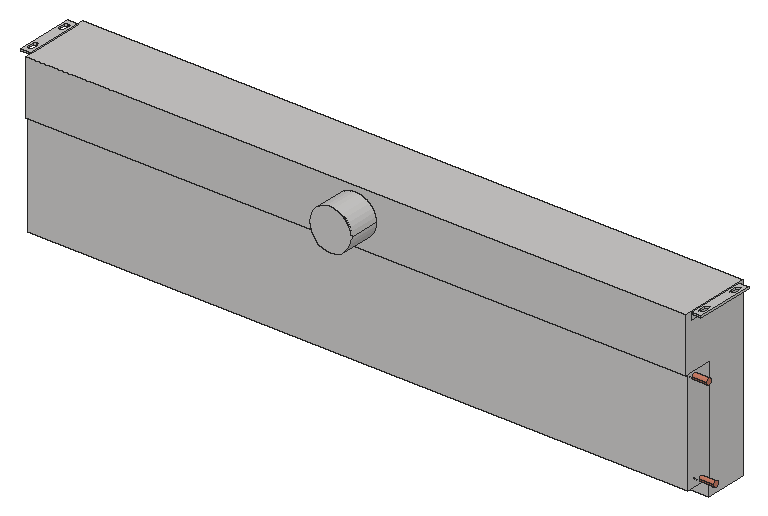
Revit family "HVAC-Chilled_Beam-Dadanco-ACB35", category Mechanical Equipment, Revit 2018
Family settings
  Round Connector Dimension = Use Radius
  Part Type = Normal
  OmniClass Number = 23.75.70.17.31
  OmniClass Title = Induction Units
  Work Plane-Based = No
  Always vertical = Yes
  Cut with Voids When Loaded = No
  Shared = No
  Room Calculation Point = No
Parameters (values of type "6' Nominal Length")
  Zone Name [instance] = ""
  Zone ID [instance] = ""
  Unit Width = 0' - 7"  # constant formula
  Unit Weight = if(Nominal Unit Length = 2' 0", "28 lb", if(Nominal Unit Length = 3' 0", "36 lb", if(Nominal Unit Length = 4' 0", "44 lb", if(Nominal Unit Length = 5' 0", "51 lb", if(Nominal Unit Length = 6' 0", "59 lb", if(Nominal Unit Length = 7' 0", "67 lb", if(Nominal Unit Length = 8' 0", "75 lb", "0 lb")))))))  # "59 lb"
  Unit Tag [instance] = ""
  Unit Length = if(Nominal Unit Length = 2' 0", 2' 0", if(Nominal Unit Length = 3' 0", 2' 8", if(Nominal Unit Length = 4' 0", 3' 4", if(Nominal Unit Length = 5' 0", 4' 4", if(Nominal Unit Length = 6' 0", 5' 4", if(Nominal Unit Length = 7' 0", 6' 4", if(Nominal Unit Length = 8' 0", 7' 4", 0' 0")))))))  # 5' - 4"
  Unit Height = 1' - 5"  # constant formula
  URL = "http://www.dadanco.com/"
  Type Comments = "1-way Discharge Vertical Coil"
  Total Cooling Capacity = 0.0 Btu/h
  Supply Air = 0 CFM
  Sound Level dBA = ""
  Sound Level NC = ""
  Side Air Inlet [instance] = or(Primary Air Inlet Right, Primary Air Inlet Left)  # no
  Secondary Air Sensible Heating = 0.0 Btu/h
  Secondary Air Sensible Cooling = 0.0 Btu/h
  SHHW Temperature = 0 °F
  SHHW Temp Out = 0 °F
  SHHW Pressure Drop [instance] = HWPD  # 0 Pa
  SHHW Flow [instance] = HWF  # 0 GPM
  SCHW Temperature = 0 °F
  SCHW Temp Out = 0 °F
  SCHW Pressure Drop [instance] = CWPD  # 0 Pa
  SCHW Flow [instance] = CWF  # 0 GPM
  Revision Date = "03/13/2023"  # constant formula
  Product Page URL = ""
  Primary Air Static Pressure [instance] = PASP  # 0.00 in-wg
  Primary Air Inlet Size = 0' - 4"
  Primary Air Flow Rate [instance] = PA  # 0 CFM
  Pan = or(Drain Pan, Drip Tray)  # no
  PASP = 0.00 in-wg
  PA = 0 CFM
  Overall Unit Length = Unit Length + 0' 2"  # 5' - 6"
  Nozzle Configuration = ""
  Nominal Unit Length = 6' - 0"
  Net Unit Heating Sensible = 0.0 Btu/h
  Net Unit Cooling Sensible = 0.0 Btu/h
  Model Number = ""
  Latent Cooling = 0.0 Btu/h
  Keynote = "23 37 00.A1"
  Heating Supply Air Temperature = 0 °F
  Heating Room Dry Bulb = 0 °F
  Heating Primary Air Dry Bulb = 0 °F
  HWPD = 0 Pa
  HWF = 0 GPM
  Side Air Inlet Radius = if(Primary Air Inlet Size = 0' 3", 0' 1 1/2", 0' 2")  # 0' - 2"
  Primary Air Inlet Right [instance] = no
  Primary Air Inlet Left [instance] = no
  Primary Air Inlet Front [instance] = yes
  Primary Air Inlet Back [instance] = no
  Duct Connection Top [instance] = no
  Drip Tray = no
  Drain Pan = no
  Drain Connection Right [instance] = and(Drain Pan, Coil Connection Right)  # no
  Drain Connection Left [instance] = and(Drain Pan, Coil Connection Left)  # no
  Documentation Link = ""
  Cooling Supply Air Temperature = 0 °F
  Cooling Room Relative Humidity = 0
  Cooling Room Dry Bulb = 0 °F
  Cooling Primary Air Wet Bulb = 0 °F
  Cooling Primary Air Dry Bulb = 0 °F
  Coil Connection Right [instance] = yes
  Coil Connection Left [instance] = not(Coil Connection Right)  # no
  Model = "ACB35"  # constant formula
  Manufacturer = "Dadanco"  # constant formula
  Housing Material = Metal-Dadanco-Steel-Galvanized
  Description = "Active Chilled Beam"  # constant formula
  CWPD = 0 Pa
  CWF = 0 GPM
  Front_Back_or_Top_Inlet_radius = Primary Air Inlet Size / 2  # 0' - 2"
  Architectural Design Manual = ""
  4 Pipe Coil Configuration Right [instance] = and([4 Pipe Coil Configuration], Coil Connection Right)  # no
  4 Pipe Coil Configuration Left [instance] = and([4 Pipe Coil Configuration], Coil Connection Left)  # no
  4 Pipe Coil Configuration = if([2 or 4 pipe] = 4, 1 = 1, 1 = 0)  # no
  2 or 4 pipe = 2
  2 Pipe Coil Configuration = if([2 or 4 pipe] = 2, 1 = 1, 1 = 0)  # yes
  Assembly Code = "D3040100"
Types (8): name | Unit Weight | Unit Length | Overall Unit Length | Nominal Unit Length
  (no name) | "59 lb" | 5' - 4" | 5' - 6" | 6' - 0"
  4' Nominal Length | "44 lb" | 3' - 4" | 3' - 6" | 4' - 0"
  2' Nominal Length | "28 lb" | 2' - 0" | 2' - 2" | 2' - 0"
  3' Nominal Length | "36 lb" | 2' - 8" | 2' - 10" | 3' - 0"
  5' Nominal Length | "51 lb" | 4' - 4" | 4' - 6" | 5' - 0"
  6' Nominal Length | "59 lb" | 5' - 4" | 5' - 6" | 6' - 0"
  7' Nominal Length | "67 lb" | 6' - 4" | 6' - 6" | 7' - 0"
  8' Nominal Length | "75 lb" | 7' - 4" | 7' - 6" | 8' - 0"
Reference planes (in)
  plane 1 "Center (Front/Back)": y = 5.39627
  plane 2 "Top of Coil Unit": z = -5.293
  plane 3 "Center (Left/Right)": x = 0.55581
  plane 4 "Nominal Right": x = 33.55581
  plane 5 "Back Face": y = 8.89627
  plane 6 "Front Face": y = 1.89627
  plane 7 "Top Face": z = 0
  plane 8 "Bottom Face": z = -17
  plane 9 "Nominal Left": x = -32.44419
  plane 10 "Left Face": x = -31.44419
  plane 11 "Right Face": x = 32.55581
  plane 12 "Back Face of Coil Unit": y = 4.74627
  plane 13 "Top of Drain Unit": z = -15.37
  plane 14 "Left End of Coil": x = -30.69419
  plane 15 "Right End of Coil": x = 31.80581
  plane 16 "Side Air Inlet Centerline": z = -2.75
  plane 17 "Top Pipe Centerline Horizontal": z = -5.668
  plane 18 "Top Pipe Centerline Vertical": y = 2.89627
  plane 19 "Bottom Pipe Centerline Horizontal": z = -14.918
  plane 20 "Bottom Pipe Centerline Vertical": y = 3.74128
  plane 21 "4 Pipe Upper Centerline": z = -8.793
  plane 22 "4 Pipe Lower Centerline": z = -12.543
  plane 23 "Comiss Tube Centerline Horizontal": z = -6.535
  plane 24 "Damper Lever Centerline Horizontal": z = -5.441
  plane 25 "Top of Side Air Inlets": z = -0.75
  plane 26 "Bottom of Side Air Inlet": z = -4.75
  plane 27 "Front_Air_Ctr": z = -2.5
  plane 28 "Back_Air_Ctr": z = -3.85
  plane 29 "Top_Air_Ctr": y = 5.44627
Forms (in)
  Extrusion 1, solid, material "Metal-Dadanco-Steel-Galvanized" <- "Housing Material"
    sketch origin (0.55581, 0, -17) x (0, 1, 0) y (0, 0, 1)
      loop
        line (1.89627, 17) -> (1.89627, 11.707) -> (4.74627, 11.707) -> (4.74627, 0) -> (8.89627, 0) -> (8.89627, 17) -> (1.89627, 17)
    from -32 to 32
  Extrusion 2, solid, material "Metal-Dadanco-Steel-Galvanized Black Powder Coat Finish", visible <- "Pan"
    sketch origin (0.55581, 0, -17) x (0, 1, 0) y (0, 0, 1)
      loop
        line (1.89627, 0) -> (4.74627, 0) -> (4.74627, 1.63) -> (1.89627, 1.63) -> (1.89627, 0)
    from -32 to 32
  Extrusion 3, solid, material "Metal-Dadanco-Steel-Galvanized" <- "Housing Material"
    sketch origin (31.80581, -32.70874, 31) x (0, -1, 0) y (0, 0, 1)
      loop
        line (-34.85501, -46.37) -> (-34.85501, -36.293) -> (-37.45501, -36.293) -> (-37.45501, -46.37) -> (-34.85501, -46.37)
    from -0.75 to 63.25
  Extrusion 4, solid, material "Metal-Dadanco-Steel-Galvanized" <- "Housing Material", visible <- "Primary Air Inlet Left", detail levels medium+fine
    sketch origin (0.55581, 5.39627, -17) x (0, -1, 0) y (0, 0, 1)
      loop
        circle (0, 14.25) r 2
    from 32 to 35
  Extrusion 5, solid, material "Metal-Dadanco-Copper-Satin", visible <- "Drain Connection Right", detail levels medium+fine
    sketch origin (0.55581, 5.39627, -17) x (0, 1, 0) y (0, 0, 1)
      loop
        circle (-2.075, 0.25) r 0.25
    from 32 to 33.25
  Extrusion 6, solid, material "Metal-Dadanco-Copper-Satin", visible <- "Coil Connection Right", detail levels medium+fine
    sketch origin (0.55581, 5.39627, -17) x (0, 1, 0) y (0, 0, 1)
      loop
        circle (-2.5, 11.332) r 0.25
    from 31.25 to 33.5
  Extrusion 7, solid, material "Metal-Dadanco-Copper-Satin", visible <- "Coil Connection Right", detail levels medium+fine
    sketch origin (0.55581, 5.39627, -17) x (0, 1, 0) y (0, 0, 1)
      loop
        circle (-1.65499, 2.082) r 0.25
    from 31.25 to 33.5
  Extrusion 8, solid, material "Metal-Dadanco-Copper-Satin", visible <- "4 Pipe Coil Configuration Right", detail levels medium+fine
    sketch origin (0.55581, 5.39627, -17) x (0, 1, 0) y (0, 0, 1)
      loop
        circle (-1.65499, 8.207) r 0.25
    from 31.25 to 33.5
  Extrusion 9, solid, material "Metal-Dadanco-Copper-Satin", visible <- "4 Pipe Coil Configuration Right", detail levels medium+fine
    sketch origin (0.55581, 5.39627, -17) x (0, 1, 0) y (0, 0, 1)
      loop
        circle (-1.65499, 4.457) r 0.25
    from 31.25 to 33.5
  Extrusion 10, solid, material "Metal-Dadanco-Steel-Galvanized" <- "Housing Material", visible <- "Primary Air Inlet Right", detail levels medium+fine
    sketch origin (49.80581, 5.39627, -17) x (0, -1, 0) y (0, 0, 1)
      loop
        circle (0, 14.25) r 2
    from 14.25 to 17.25
  Extrusion 11, solid, material "Metal-Dadanco-Copper-Satin", visible <- "Drain Connection Left", detail levels medium+fine
    sketch origin (0.55581, 5.39627, -17) x (0, 1, 0) y (0, 0, -1)
      loop
        circle (-2.075, -0.25) r 0.25
    from 32 to 33.25
  Extrusion 12, solid, material "Metal-Dadanco-Copper-Satin", visible <- "Coil Connection Left", detail levels medium+fine
    sketch origin (0.55581, 5.39627, -17) x (0, 1, 0) y (0, 0, -1)
      loop
        circle (-2.5, -11.332) r 0.25
    from 31.25 to 33.5
  Extrusion 13, solid, material "Metal-Dadanco-Copper-Satin", visible <- "Coil Connection Left", detail levels medium+fine
    sketch origin (0.55581, 5.39627, -17) x (0, 1, 0) y (0, 0, -1)
      loop
        circle (-1.65499, -2.082) r 0.25
    from 31.25 to 33.5
  Extrusion 14, solid, material "Metal-Dadanco-Copper-Satin", visible <- "4 Pipe Coil Configuration Left", detail levels medium+fine
    sketch origin (0.55581, 5.39627, -17) x (0, 1, 0) y (0, 0, -1)
      loop
        circle (-1.65499, -8.207) r 0.25
    from 31.25 to 33.5
  Extrusion 15, solid, material "Metal-Dadanco-Copper-Satin", visible <- "4 Pipe Coil Configuration Left", detail levels medium+fine
    sketch origin (0.55581, 5.39627, -17) x (0, 1, 0) y (0, 0, -1)
      loop
        circle (-1.65499, -4.457) r 0.25
    from 31.25 to 33.5
  Extrusion 16, void
    sketch origin (0, 0, -17) x (-1, 0, 0) y (0, -1, 0)
      loop
        line (31.40419, -8.85627) -> (31.40419, -4.77627) -> (-32.51581, -4.77627) -> (-32.51581, -8.85627) -> (31.40419, -8.85627)
    from 10 to 0
  Extrusion 17, solid, material "Metal-Dadanco-Steel-Galvanized" <- "Housing Material", visible <- "Primary Air Inlet Front"
    sketch origin (-28.20106, 1.89627, 48) x (-1, 0, 0) y (0, 0, -1)
      loop
        circle (-28.75688, 50.5) r 2
    from 3 to 0
  Extrusion 18, solid, material "Metal-Dadanco-Steel-Galvanized" <- "Housing Material", visible <- "Primary Air Inlet Back"
    sketch origin (-28.20106, 8.89627, 48) x (-1, 0, 0) y (0, 0, 1)
      loop
        circle (-28.75688, -51.85) r 3
    from 3 to 0
  Extrusion 19, solid, material "Metal-Dadanco-Steel-Galvanized", visible <- "Duct Connection Top"
    sketch origin (0, 0, 0) x (0, 1, 0) y (-1, 0, 0)
      loop
        circle (5.44627, -0.55581) r 3
    from 3 to 0
Cuts and joins
  Extrusion 16 cuts Extrusion 1
  Extrusion 16 cuts Extrusion 2
  Extrusion 16 cuts Extrusion 3
Lines and regions (in)
  Masking region 1, detail levels medium+fine
    outline origin (0, 0, 0) x (0, 1, 0) y (-1, 0, 0)
      loop
        line (2.52127, 32.44419) -> (2.52127, 31.44419) -> (8.27127, 31.44419) -> (8.27127, 32.44419) -> (2.52127, 32.44419)
  Masking region 2, detail levels medium+fine
    outline origin (0, 0, 0) x (0, 1, 0) y (-1, 0, 0)
      loop
        line (2.52127, -32.55581) -> (2.52127, -33.55581) -> (8.27127, -33.55581) -> (8.27127, -32.55581) -> (2.52127, -32.55581)
  Masking region 3
    outline origin (-28.20106, 8.89627, 31) x (-1, 0, 0) y (0, 0, 1)
      loop
        line (-60.75688, -48) -> (3.24312, -48) -> (3.24312, -31) -> (-60.75688, -31) -> (-60.75688, -48)
  Masking region 4
    outline origin (-28.20106, 1.89627, 31) x (-1, 0, 0) y (0, 0, 1)
      loop
        line (3.24312, -48) -> (3.24312, -31) -> (-60.75688, -31) -> (-60.75688, -48) -> (3.24312, -48)
  Masking region 5, visible <- "Primary Air Inlet Left", detail levels medium+fine
    outline origin (0, 5.39627, -17) x (1, 0, 0) y (0, 0, 1)
      loop
        line (-34.44419, 12.25) -> (-31.44419, 12.25) -> (-31.44419, 16.25) -> (-34.44419, 16.25) -> (-34.44419, 12.25)
  Masking region 6, detail levels medium+fine
    outline origin (0, 0, 0) x (0, 1, 0) y (-1, 0, 0)
      loop
        line (2.52127, 32.44419) -> (2.52127, 31.44419) -> (8.27127, 31.44419) -> (8.27127, 32.44419) -> (2.52127, 32.44419)
  Masking region 7
    outline origin (32.55581, -4.5755, 36) x (0, 1, 0) y (0, 0, 1)
      loop
        line (13.47177, -36) -> (6.47177, -36) -> (6.47177, -53) -> (13.47177, -53) -> (13.47177, -36)
  Masking region 8, visible <- "Primary Air Inlet Front", detail levels medium+fine
    outline origin (0.55581, 0, 0) x (0, 1, 0) y (0, 0, 1)
      loop
        line (-1.10373, -3.75) -> (1.89627, -3.75) -> (1.89627, -1.75) -> (-1.10373, -1.75) -> (-1.10373, -3.75)
  Masking region 9, visible <- "Primary Air Inlet Right", detail levels medium+fine
    outline origin (48, 5.39627, -17) x (1, 0, 0) y (0, 0, 1)
      loop
        line (-15.44419, 12.25) -> (-12.44419, 12.25) -> (-12.44419, 16.25) -> (-15.44419, 16.25) -> (-15.44419, 12.25)
  Masking region 10, visible <- "Primary Air Inlet Back", detail levels medium+fine
    outline origin (0.55581, 0, 0) x (0, 1, 0) y (0, 0, 1)
      loop
        line (8.89627, -3.75) -> (11.89627, -3.75) -> (11.89627, -1.75) -> (8.89627, -1.75) -> (8.89627, -3.75)
  Masking region 11, visible <- "Coil Connection Right", detail levels medium+fine
    outline origin (0, 2.89627, 0) x (0, 0, 1) y (1, 0, 0)
      loop
        line (-5.918, 32.55581) -> (-5.38675, 32.55581) -> (-5.38675, 34.05581) -> (-5.918, 34.05581) -> (-5.918, 32.55581)
  Masking region 12, detail levels medium+fine
    outline origin (0, 8.01727, 0) x (0, 0, -1) y (1, 0, 0)
      loop
        line (6.66, 32.55581) -> (6.66, 35.55581) -> (6.4138, 35.55581) -> (6.4138, 32.55581) -> (6.66, 32.55581)
  Masking region 13, visible <- "4 Pipe Coil Configuration Right", detail levels medium+fine
    outline origin (0, 3.74128, 0) x (0, 0, -1) y (1, 0, 0)
      loop
        line (9.04303, 32.55581) -> (9.04303, 34.05581) -> (8.543, 34.05581) -> (8.543, 32.55581) -> (9.04303, 32.55581)
  Masking region 14, visible <- "4 Pipe Coil Configuration Right", detail levels medium+fine
    outline origin (0, 3.74128, 0) x (0, 0, -1) y (1, 0, 0)
      loop
        line (12.78289, 32.55581) -> (12.78289, 34.05581) -> (12.293, 34.05581) -> (12.293, 32.55581) -> (12.78289, 32.55581)
  Masking region 15, visible <- "Coil Connection Right", detail levels medium+fine
    outline origin (0, 3.74128, 0) x (0, 0, -1) y (1, 0, 0)
      loop
        line (15.27625, 32.55581) -> (15.27625, 34.05581) -> (14.668, 34.05581) -> (14.668, 32.55581) -> (15.27625, 32.55581)
  Masking region 16
    outline origin (0, 3.74128, 0) x (0, 0, -1) y (1, 0, 0)
      loop
        line (17, 32.55581) -> (17, 33.80581) -> (16.5, 33.80581) -> (16.5, 32.55581) -> (17, 32.55581)
  Masking region 17, detail levels medium+fine
    outline origin (0, 6.82127, 0) x (0, 0, -1) y (1, 0, 0)
      loop
        line (5.566, 32.55581) -> (5.566, 35.55581)
        arc (5.566, 35.55581) -> (5.441, 35.68081) -> (5.316, 35.55581) r 0.125
        line (5.316, 35.55581) -> (5.316, 32.55581) -> (5.566, 32.55581)
  Masking region 18, not visible
    outline origin (0, 6.82127, 0) x (0, 0, -1) y (1, 0, 0)
      loop
        line (5.566, -31.44419) -> (5.32075, -31.44419) -> (5.32075, -34.47832)
        arc (5.32075, -34.47832) -> (5.44337, -34.60094) -> (5.566, -34.47832) r 0.12263
        line (5.566, -34.47832) -> (5.566, -31.44419)
  Masking region 19, visible <- "Coil Connection Left", detail levels medium+fine
    outline origin (0, 2.89627, 0) x (0, 0, 1) y (1, 0, 0)
      loop
        line (-5.918, -32.94419) -> (-5.38675, -32.94419) -> (-5.38675, -31.44419) -> (-5.918, -31.44419) -> (-5.918, -32.94419)
  Masking region 20, visible <- "4 Pipe Coil Configuration Left", detail levels medium+fine
    outline origin (0, 3.74128, 0) x (0, 0, -1) y (1, 0, 0)
      loop
        line (9.043, -32.94419) -> (9.043, -31.44419) -> (8.52981, -31.44419) -> (8.52981, -32.94419) -> (9.043, -32.94419)
  Masking region 21, visible <- "Coil Connection Left", detail levels medium+fine
    outline origin (0, 6.82127, 0) x (0, 0, -1) y (1, 0, 0)
      loop
        line (15.168, -32.94419) -> (15.168, -31.44419) -> (14.65919, -31.44419) -> (14.65919, -32.94419) -> (15.168, -32.94419)
  Masking region 22, not visible, detail levels medium+fine
    outline origin (0, 3.74128, 0) x (0, 0, -1) y (1, 0, 0)
      loop
        line (17, -32.69419) -> (17, -31.44419) -> (16.5, -31.44419) -> (16.5, -32.69419) -> (17, -32.69419)
  Masking region 23, visible <- "4 Pipe Coil Configuration Left", detail levels medium+fine
    outline origin (0, 3.74128, 0) x (0, 0, -1) y (1, 0, 0)
      loop
        line (12.793, -32.94419) -> (12.793, -31.44419) -> (12.29639, -31.44419) -> (12.29639, -32.94419) -> (12.793, -32.94419)
  Masking region 24, visible <- "Coil Connection Right", detail levels medium+fine
    outline origin (0, 0, -5.668) x (0, -1, 0) y (1, 0, 0)
      loop
        line (-3.99204, 33.55581) -> (-3.49128, 33.55581) -> (-3.49128, 34.05581) -> (-3.99204, 34.05581) -> (-3.99204, 33.55581)
  Masking region 25, visible <- "Coil Connection Right", detail levels medium+fine
    outline origin (0, 0, -5.441) x (0, -1, 0) y (1, 0, 0)
      loop
        line (-2.64542, 33.55581) -> (-2.64542, 34.05581) -> (-3.14627, 34.05581) -> (-3.14627, 33.55581) -> (-2.64542, 33.55581)
  Masking region 26, detail levels medium+fine
    outline origin (0, 0, -6.535) x (0, -1, 0) y (1, 0, 0)
      loop
        line (-7.89268, 33.55581) -> (-7.89268, 35.55581) -> (-8.14227, 35.55581) -> (-8.14227, 33.55581) -> (-7.89268, 33.55581)
  Masking region 27, detail levels medium+fine
    outline origin (0, 0, -5.441) x (0, -1, 0) y (1, 0, 0)
      loop
        line (-6.69505, 33.55581) -> (-6.69505, 35.55581) -> (-6.94505, 35.55581) -> (-6.94505, 33.55581) -> (-6.69505, 33.55581)
  Masking region 28, visible <- "Coil Connection Left", detail levels medium+fine
    outline origin (0, 0, -5.668) x (0, -1, 0) y (1, 0, 0)
      loop
        line (-3.49128, -32.94419) -> (-3.49128, -32.44419) -> (-3.99146, -32.44419) -> (-3.99146, -32.94419) -> (-3.49128, -32.94419)
  Masking region 29, visible <- "Coil Connection Left", detail levels medium+fine
    outline origin (0, 0, -14.918) x (0, -1, 0) y (1, 0, 0)
      loop
        line (-2.64627, -32.94419) -> (-2.64627, -32.44419) -> (-3.14348, -32.44419) -> (-3.14348, -32.94419) -> (-2.64627, -32.94419)
  Masking region 30, not visible, detail levels medium+fine
    outline origin (0, 6.82127, 0) x (0, 0, -1) y (1, 0, 0)
      loop
        line (6.66, -34.44419) -> (6.66, -31.44419) -> (6.41, -31.44419) -> (6.41, -34.44419) -> (6.66, -34.44419)
  Masking region 31, not visible, detail levels medium+fine
    outline origin (0, 8.01727, 0) x (0, 0, -1) y (1, 0, 0)
      loop
        line (6.66, -34.44419) -> (6.66, -31.44419) -> (6.41, -31.44419) -> (6.41, -34.44419) -> (6.66, -34.44419)
  Masking region 32, visible <- "Primary Air Inlet Left", detail levels medium+fine
    outline origin (0, 0, -2.75) x (0, -1, 0) y (1, 0, 0)
      loop
        line (-3.39627, -34.44419) -> (-3.39627, -31.44419) -> (-7.39627, -31.44419) -> (-7.39627, -34.44419) -> (-3.39627, -34.44419)
  Masking region 33, visible <- "Primary Air Inlet Right", detail levels medium+fine
    outline origin (0, 0, -2.75) x (0, -1, 0) y (1, 0, 0)
      loop
        line (-7.39627, 35.55581) -> (-7.39627, 32.55581) -> (-3.39627, 32.55581) -> (-3.39627, 35.55581) -> (-7.39627, 35.55581)
  Masking region 34, not visible, detail levels medium+fine
    outline origin (0, 0, -5.441) x (0, -1, 0) y (1, 0, 0)
      loop
        line (-6.94637, -32.44419) -> (-6.94637, -34.44419) -> (-6.69641, -34.44419) -> (-6.69641, -32.44419) -> (-6.94637, -32.44419)
  reference lines
    curve 1: line (0.55581, 3.32127, -0.73487) -> (0.55581, 3.32127, -15.73487)
  symbolic lines, detail levels fine
    curve 2: arc (32.86831, 7.52127, 0) -> (33.11831, 7.77127, 0) -> (33.36831, 7.52127, 0) r 0.25
    curve 3: line (32.86831, 7.52127, 0) -> (32.86831, 7.02127, 0)
    curve 4: arc (33.36831, 7.02127, 0) -> (33.11831, 6.77127, 0) -> (32.86831, 7.02127, 0) r 0.25
    curve 5: line (33.36831, 7.02127, 0) -> (33.36831, 7.52127, 0)
    curve 6: arc (32.86831, 3.77127, 0) -> (33.11831, 4.02127, 0) -> (33.36831, 3.77127, 0) r 0.25
    curve 7: line (33.36831, 3.27127, 0) -> (33.36831, 3.77127, 0)
    curve 8: arc (33.36831, 3.27127, 0) -> (33.11831, 3.02127, 0) -> (32.86831, 3.27127, 0) r 0.25
    curve 9: line (32.86831, 3.77127, 0) -> (32.86831, 3.27127, 0)
    curve 11: line (33.55581, 8.89627, 0) -> (33.55581, 8.89627, -0.125)
    curve 12: line (33.55581, 8.89627, -0.125) -> (32.68081, 8.89627, -0.125)
    curve 13: line (32.68081, 8.89627, -0.125) -> (32.68081, 8.89627, -0.625)
    curve 14: line (32.68081, 8.89627, -0.625) -> (32.55581, 8.89627, -0.625)
    curve 16: line (-32.44419, 8.89627, 0) -> (-32.44419, 8.89627, -0.125)
    curve 17: line (-32.44419, 8.89627, -0.125) -> (-31.56919, 8.89627, -0.125)
    curve 18: line (-31.56919, 8.89627, -0.125) -> (-31.56919, 8.89627, -0.625)
    curve 19: line (-31.56919, 8.89627, -0.625) -> (-31.44419, 8.89627, -0.625)
    curve 27: line (33.55581, 1.89627, 0) -> (33.55581, 1.89627, -0.125)
    curve 28: line (33.55581, 1.89627, -0.125) -> (32.68081, 1.89627, -0.125)
    curve 29: line (32.68081, 1.89627, -0.125) -> (32.68081, 1.89627, -0.625)
    curve 30: line (32.68081, 1.89627, -0.625) -> (32.55581, 1.89627, -0.625)
    curve 32: line (-32.44419, 1.89627, 0) -> (-32.44419, 1.89627, -0.125)
    curve 33: line (-32.44419, 1.89627, -0.125) -> (-31.56919, 1.89627, -0.125)
    curve 34: line (-31.56919, 1.89627, -0.125) -> (-31.56919, 1.89627, -0.625)
    curve 35: line (-31.56919, 1.89627, -0.625) -> (-31.44419, 1.89627, -0.625)
    curve 36: line (-32.25669, 7.52127, 0) -> (-32.25669, 7.02127, 0)
    curve 37: arc (-32.25669, 7.52127, 0) -> (-32.00669, 7.77127, 0) -> (-31.75669, 7.52127, 0) r 0.25
    curve 38: line (-31.75669, 7.02127, 0) -> (-31.75669, 7.52127, 0)
    curve 39: arc (-31.75669, 7.02127, 0) -> (-32.00669, 6.77127, 0) -> (-32.25669, 7.02127, 0) r 0.25
    curve 40: arc (-32.25669, 3.77127, 0) -> (-32.00669, 4.02127, 0) -> (-31.75669, 3.77127, 0) r 0.25
    curve 41: line (-32.25669, 3.77127, 0) -> (-32.25669, 3.27127, 0)
    curve 42: arc (-31.75669, 3.27127, 0) -> (-32.00669, 3.02127, 0) -> (-32.25669, 3.27127, 0) r 0.25
    curve 43: line (-31.75669, 3.27127, 0) -> (-31.75669, 3.77127, 0)
    curve 44: line (-30.69419, 1.89627, -14.62) -> (31.80581, 1.89627, -14.62)
    curve 45: line (-30.69419, 1.89627, -6.043) -> (-30.69419, 1.89627, -14.62)
    curve 46: line (31.80581, 1.89627, -6.043) -> (-30.69419, 1.89627, -6.043)
    curve 47: line (31.80581, 1.89627, -14.62) -> (31.80581, 1.89627, -6.043)
    curve 61: line (32.55581, 8.27127, -0.125) -> (32.55581, 2.52127, -0.125)
  symbolic lines, detail levels medium+fine
    curve 10: line (32.55581, 8.89627, 0) -> (33.55581, 8.89627, 0)
    curve 15: line (-31.44419, 8.89627, 0) -> (-32.44419, 8.89627, 0)
    curve 20: line (-30.19419, 1.89627, -14.62) -> (-30.69419, 1.89627, -14.62)
    curve 21: line (-30.19419, 1.89627, -6.043) -> (-30.19419, 1.89627, -14.62)
    curve 22: line (-30.69419, 1.89627, -6.043) -> (-30.19419, 1.89627, -6.043)
    curve 23: line (-30.69419, 1.89627, -14.62) -> (-30.69419, 1.89627, -6.043)
    curve 24: line (-31.44419, 1.89627, -15.37) -> (32.55581, 1.89627, -15.37)
    curve 25: line (-31.44419, 1.89627, -5.293) -> (32.55581, 1.89627, -5.293)
    curve 26: line (32.55581, 1.89627, 0) -> (33.55581, 1.89627, 0)
    curve 31: line (-31.44419, 1.89627, 0) -> (-32.44419, 1.89627, 0)
    curve 48: line (32.55581, 1.89627, -5.293) -> (32.55581, 4.74627, -5.293)
    curve 49: line (32.55581, 4.74627, -5.293) -> (32.55581, 4.74627, -17)
    curve 50: line (32.55581, 4.74627, -15.37) -> (32.55581, 1.89627, -15.37)
    curve 51: line (32.55581, 2.14627, -15.37) -> (32.55581, 2.14627, -5.293)
    curve 52: circle (-30.69419, 2.89627, -5.668) r 0.25 normal (1, 0, 0)
    curve 55: circle (-30.69419, 3.74128, -14.918) r 0.25 normal (1, 0, 0)
    curve 56: circle (32.55581, 3.32127, -16.75) r 0.25 normal (1, 0, 0)
    curve 57: circle (-31.44419, 8.01727, -6.535) r 0.125 normal (1, 0, 0)
    curve 58: line (32.55581, 2.52127, 0) -> (32.55581, 2.52127, -0.625)
    curve 59: line (32.55581, 2.52127, -0.625) -> (32.55581, 8.27127, -0.625)
    curve 60: line (32.55581, 8.27127, -0.625) -> (32.55581, 8.27127, 0)
    curve 62: line (32.55581, 6.82127, -5.588) -> (32.55581, 6.07127, -5.588)
    curve 63: line (32.55581, 6.07127, -5.588) -> (32.55581, 6.07127, -5.294)
    curve 64: line (32.55581, 6.07127, -5.294) -> (32.55581, 6.82127, -5.294)
    curve 65: arc (32.55581, 6.82127, -5.294) -> (32.55581, 6.96827, -5.441) -> (32.55581, 6.82127, -5.588) r 0.147
    curve 66: line (33.55581, 6.69505, -5.441) -> (33.55581, 6.94505, -5.441)
  symbolic lines, visible <- "4 Pipe Coil Configuration", detail levels medium+fine
    curve 53: circle (-30.69419, 3.74128, -8.793) r 0.25 normal (1, 0, 0)
    curve 54: circle (-30.69419, 3.74128, -12.543) r 0.25 normal (1, 0, 0)
  symbolic lines, visible <- "Side Air Inlet", detail levels medium+fine
    curve 67: arc (32.55581, 3.39627, -2.75) -> (32.55581, 5.39627, -0.75) -> (32.55581, 7.39627, -2.75) r 2
    curve 68: arc (32.55581, 7.39627, -2.75) -> (32.55581, 5.39627, -4.75) -> (32.55581, 3.39627, -2.75) r 2
Dimensions and locks (in)
  "Unit Width": plane 6 "Front Face" to plane 5 "Back Face"
  equal spacing: plane 6 "Front Face", plane 1 "Center (Front/Back)", plane 5 "Back Face"
  "Unit Length": plane 10 "Left Face" to plane 11 "Right Face"
  equal spacing: plane 10 "Left Face", plane 3 "Center (Left/Right)", plane 11 "Right Face"
  locked: plane 9 "Nominal Left" to plane 10 "Left Face" at 1
  locked: plane 11 "Right Face" to plane 4 "Nominal Right" at 1
  "Unit Height": plane 7 "Top Face" to plane 8 "Bottom Face"
  locked: plane 7 "Top Face" to plane 2 "Top of Coil Unit" at 5.293
  locked: plane 13 "Top of Drain Unit" to plane 8 "Bottom Face" at 1.63
  locked: plane 12 "Back Face of Coil Unit" to plane 5 "Back Face" at 4.15
  locked: plane 10 "Left Face" to plane 14 "Left End of Coil" at 0.75
  locked: plane 15 "Right End of Coil" to plane 11 "Right Face" at 0.75
  locked: plane 7 "Top Face" to plane 16 "Side Air Inlet Centerline" at 2.75
  locked: Extrusion 4 to Extrusion 4 at 3
  equal spacing: plane 6 "Front Face", curve 1, plane 12 "Back Face of Coil Unit"
  locked: Extrusion 5 to Extrusion 5 at 1.25
  plane 18 "Top Pipe Centerline Vertical" to plane 5 "Back Face" = 0' - 6"
  locked: plane 2 "Top of Coil Unit" to plane 17 "Top Pipe Centerline Horizontal" at 0.375
  locked: Extrusion 6 to Extrusion 6 at 2.25
  locked: Extrusion 7 to Extrusion 7 at 2.25
  locked: plane 2 "Top of Coil Unit" to plane 21 "4 Pipe Upper Centerline" at 3.5
  locked: Extrusion 8 to Extrusion 8 at 2.25
  locked: Extrusion 9 to Extrusion 9 at 2.25
  plane 7 "Top Face" to plane 23 "Comiss Tube Centerline Horizontal" = 0' - 6.535"
  plane 7 "Top Face" to plane 24 "Damper Lever Centerline Horizontal" = 0' - 5.441"
  "Side Air Inlet Radius": plane 16 "Side Air Inlet Centerline" to plane 26 "Bottom of Side Air Inlet"
  "Side Air Inlet Radius": plane 25 "Top of Side Air Inlets" to plane 16 "Side Air Inlet Centerline"
  locked: Masking region 9 to Masking region 9 at 3
  locked: Extrusion 10 to Extrusion 10 at 3
  locked: Extrusion 11 to Extrusion 11 at 1.25
  locked: Extrusion 12 to Extrusion 12 at 2.25
  locked: Extrusion 13 to Extrusion 13 at 2.25
  locked: Extrusion 14 to Extrusion 14 at 2.25
  locked: Extrusion 15 to Extrusion 15 at 2.25
  locked: plane 8 "Bottom Face" to Extrusion 11 sketch curve at 0.25
  locked: Extrusion 11 sketch curve to plane 6 "Front Face" at 1.425
  locked: Masking region 13 sketch curve to Masking region 13 sketch curve at 0.50003
  locked: Masking region 13 sketch curve to plane 21 "4 Pipe Upper Centerline" at 0.25
  Masking region 14 sketch curve to plane 22 "4 Pipe Lower Centerline" to Masking region 14 sketch curve = 0' - 0 1/4" locked, 0' - 0.23989" locked
  locked: Masking region 15 sketch curve to plane 19 "Bottom Pipe Centerline Horizontal" at 0.25
  Masking region 12 sketch curve to plane 23 "Comiss Tube Centerline Horizontal" to Masking region 12 sketch curve = 0' - 0.1212" locked, 0' - 0 1/8" locked
  locked: Masking region 17 sketch curve to plane 24 "Damper Lever Centerline Horizontal" at 0.125
  locked: plane 24 "Damper Lever Centerline Horizontal" to Masking region 17 sketch curve at 0.125
  locked: Masking region 18 sketch curve to plane 24 "Damper Lever Centerline Horizontal" at 0.12025
  locked: plane 24 "Damper Lever Centerline Horizontal" to Masking region 18 sketch curve at 0.125
  locked: plane 17 "Top Pipe Centerline Horizontal" to Masking region 19 sketch curve at 0.25
  locked: Masking region 20 sketch curve to plane 21 "4 Pipe Upper Centerline" at 0.26319
  locked: plane 21 "4 Pipe Upper Centerline" to Masking region 20 sketch curve at 0.25
  locked: plane 19 "Bottom Pipe Centerline Horizontal" to Masking region 21 sketch curve at 0.25
  locked: Masking region 21 sketch curve to plane 19 "Bottom Pipe Centerline Horizontal" at 0.25881
  locked: Masking region 23 sketch curve to plane 22 "4 Pipe Lower Centerline" at 0.24661
  locked: plane 22 "4 Pipe Lower Centerline" to Masking region 23 sketch curve at 0.25
  locked: plane 20 "Bottom Pipe Centerline Vertical" to Masking region 24 sketch curve at 0.25
  locked: plane 20 "Bottom Pipe Centerline Vertical" to Masking region 24 sketch curve at 0.25077
  locked: plane 18 "Top Pipe Centerline Vertical" to Masking region 25 sketch curve at 0.25085
  Masking region 26 sketch curve to Masking region 26 sketch curve = 0' - 0.24959"
  locked: Masking region 28 sketch curve to plane 20 "Bottom Pipe Centerline Vertical" at 0.25
  locked: plane 20 "Bottom Pipe Centerline Vertical" to Masking region 28 sketch curve at 0.25018
  locked: Masking region 29 sketch curve to plane 18 "Top Pipe Centerline Vertical" at 0.25
  locked: Masking region 29 sketch curve to plane 18 "Top Pipe Centerline Vertical" at 0.24721
  locked: Masking region 30 sketch curve to plane 23 "Comiss Tube Centerline Horizontal" at 0.125
  locked: plane 23 "Comiss Tube Centerline Horizontal" to Masking region 30 sketch curve at 0.125
  locked: plane 8 "Bottom Face" to Extrusion 5 sketch curve at 0.25
  locked: Masking region 22 sketch curve to plane 8 "Bottom Face" at 0.5
  locked: Masking region 16 sketch curve to plane 8 "Bottom Face" at 0.5
  locked: plane 2 "Top of Coil Unit" to plane 19 "Bottom Pipe Centerline Horizontal" at 9.625
  "Side Air Inlet Radius": Masking region 32 sketch curve to plane 1 "Center (Front/Back)"
  "Side Air Inlet Radius": plane 1 "Center (Front/Back)" to Masking region 32 sketch curve
  "Side Air Inlet Radius": plane 1 "Center (Front/Back)" to Masking region 33 sketch curve
  "Side Air Inlet Radius": Masking region 33 sketch curve to plane 1 "Center (Front/Back)"
  Masking region 34 sketch curve to Masking region 34 sketch curve = 0' - 0.24997"
  locked: plane 2 "Top of Coil Unit" to plane 22 "4 Pipe Lower Centerline" at 7.25
  Extrusion 16 sketch curve to plane 5 "Back Face" = 0' - 0.04"
  plane 10 "Left Face" to Extrusion 16 = 0' - 0.04"
  Extrusion 16 sketch curve to cut or joined group of Extrusion 1, Extrusion 16 = 0' - 0.04"
  "Side Air Inlet Radius": radius of Extrusion 4 sketch curve
  "Side Air Inlet Radius": radius of Extrusion 10 sketch curve
  aligned and locked: Extrusion 1 sketch curve to plane 7 "Top Face"
  aligned and locked: Extrusion 1 sketch curve to plane 6 "Front Face"
  aligned and locked: plane 2 "Top of Coil Unit" to Extrusion 1 sketch curve
  aligned and locked: plane 12 "Back Face of Coil Unit" to Extrusion 1 sketch curve
  aligned and locked: Extrusion 1 sketch curve to plane 8 "Bottom Face"
  aligned and locked: Extrusion 1 sketch curve to plane 5 "Back Face"
  aligned and locked: Extrusion 1 to plane 10 "Left Face"
  aligned and locked: Extrusion 1 to plane 11 "Right Face"
  aligned and locked: plane 6 "Front Face" to Extrusion 2 sketch curve
  aligned and locked: plane 8 "Bottom Face" to Extrusion 2 sketch curve
  aligned and locked: plane 13 "Top of Drain Unit" to Extrusion 2 sketch curve
  aligned and locked: plane 12 "Back Face of Coil Unit" to Extrusion 2 sketch curve
  aligned and locked: Extrusion 2 to plane 10 "Left Face"
  aligned and locked: Extrusion 2 to plane 11 "Right Face"
  aligned and locked: Extrusion 1 to Extrusion 3 sketch curve
  aligned and locked: Extrusion 3 sketch curve to Extrusion 1
  aligned: Extrusion 3 to plane 15 "Right End of Coil"
  aligned and locked: nested 1 to plane 7 "Top Face"
  aligned and locked: nested 1 to plane 11 "Right Face"
  aligned and locked: nested 2 to plane 7 "Top Face"
  aligned and locked: nested 2 to plane 10 "Left Face"
  aligned and locked: plane 16 "Side Air Inlet Centerline" to Extrusion 4 sketch curve
  aligned and locked: Extrusion 5 sketch curve to curve 1
  aligned and locked: plane 17 "Top Pipe Centerline Horizontal" to Extrusion 6 sketch curve
  aligned and locked: plane 18 "Top Pipe Centerline Vertical" to Extrusion 6 sketch curve
  aligned and locked: plane 20 "Bottom Pipe Centerline Vertical" to Extrusion 7 sketch curve
  aligned and locked: plane 19 "Bottom Pipe Centerline Horizontal" to Extrusion 7 sketch curve
  aligned and locked: plane 21 "4 Pipe Upper Centerline" to Extrusion 8 sketch curve
  aligned and locked: plane 20 "Bottom Pipe Centerline Vertical" to Extrusion 8 sketch curve
  aligned and locked: plane 22 "4 Pipe Lower Centerline" to Extrusion 9 sketch curve
  aligned and locked: nested 2 to Masking region 1 sketch curve  (x2)
  aligned and locked: Masking region 1 sketch curve to nested 2  (x2)
  aligned and locked: nested 1 to Masking region 2 sketch curve  (x2)
  aligned and locked: Masking region 2 sketch curve to nested 1  (x2)
  aligned and locked: Masking region 3 sketch curve to Extrusion 1  (x3)
  aligned and locked: Extrusion 1 to Masking region 3 sketch curve
  aligned and locked: Extrusion 1 to Masking region 4 sketch curve  (x2)
  aligned and locked: Masking region 4 sketch curve to Extrusion 1  (x2)
  aligned and locked: Extrusion 4 to Masking region 5 sketch curve  (x2)
  aligned and locked: nested 2 to Masking region 6 sketch curve  (x2)
  aligned and locked: Masking region 6 sketch curve to nested 2  (x2)
  aligned and locked: level to plane 7 "Top Face"
  aligned and locked: Extrusion 1 to Masking region 7 sketch curve
  aligned and locked: Masking region 7 sketch curve to Extrusion 1
  aligned and locked: Masking region 7 sketch curve to Extrusion 2  (x2)
  aligned: plane 14 "Left End of Coil" to Extrusion 3
  aligned and locked: Extrusion 3 to plane 10 "Left Face"
  aligned and locked: Extrusion 3 to plane 11 "Right Face"
  aligned and locked: plane 25 "Top of Side Air Inlets" to Masking region 5
  aligned and locked: Masking region 5 to plane 26 "Bottom of Side Air Inlet"
  aligned and locked: plane 10 "Left Face" to Extrusion 4
  aligned and locked: plane 11 "Right Face" to Masking region 9
  aligned and locked: plane 11 "Right Face" to Extrusion 10
  aligned and locked: curve 28 to nested 1
  aligned and locked: curve 29 to nested 1
  aligned and locked: plane 4 "Nominal Right" to curve 27
  aligned and locked: curve 30 to nested 1
  aligned and locked: curve 31 to nested 2
  aligned and locked: curve 33 to nested 2
  aligned and locked: curve 32 to plane 9 "Nominal Left"
  aligned and locked: curve 34 to nested 2
  aligned and locked: curve 35 to nested 2
  aligned and locked: plane 1 "Center (Front/Back)" to Extrusion 10 sketch curve
  aligned and locked: plane 16 "Side Air Inlet Centerline" to Extrusion 10 sketch curve
  aligned and locked: plane 18 "Top Pipe Centerline Vertical" to Extrusion 12 sketch curve
  aligned and locked: plane 17 "Top Pipe Centerline Horizontal" to Extrusion 12 sketch curve
  aligned and locked: plane 21 "4 Pipe Upper Centerline" to Extrusion 14 sketch curve
  aligned and locked: plane 20 "Bottom Pipe Centerline Vertical" to Extrusion 14 sketch curve
  aligned and locked: plane 22 "4 Pipe Lower Centerline" to Extrusion 15 sketch curve
  aligned and locked: plane 20 "Bottom Pipe Centerline Vertical" to Extrusion 13 sketch curve
  aligned and locked: plane 19 "Bottom Pipe Centerline Horizontal" to Extrusion 13 sketch curve
  aligned and locked: Extrusion 12 to plane 14 "Left End of Coil"
  aligned and locked: Extrusion 14 to plane 14 "Left End of Coil"
  aligned and locked: Extrusion 15 to plane 14 "Left End of Coil"
  aligned and locked: Extrusion 13 to plane 14 "Left End of Coil"
  aligned and locked: plane 10 "Left Face" to Extrusion 11
  aligned and locked: plane 11 "Right Face" to Masking region 11 sketch curve
  aligned and locked: plane 11 "Right Face" to Masking region 13 sketch curve
  aligned and locked: Masking region 13 sketch curve to Extrusion 8
  aligned and locked: plane 11 "Right Face" to Masking region 14 sketch curve
  aligned and locked: Extrusion 9 to Masking region 14 sketch curve
  aligned and locked: Masking region 15 sketch curve to Extrusion 7
  aligned and locked: Masking region 3 to Masking region 16 sketch curve
  aligned and locked: Masking region 16 sketch curve to Extrusion 5
  aligned and locked: Extrusion 12 to Masking region 19 sketch curve
  aligned and locked: Extrusion 14 to Masking region 20 sketch curve
  aligned and locked: Masking region 3 to Masking region 20 sketch curve
  aligned and locked: Extrusion 13 to Masking region 21 sketch curve
  aligned and locked: plane 10 "Left Face" to Masking region 21 sketch curve
  aligned and locked: Extrusion 11 to Masking region 22 sketch curve
  aligned and locked: Masking region 22 sketch curve to Extrusion 11
  aligned and locked: Extrusion 15 to Masking region 23 sketch curve
  aligned and locked: plane 10 "Left Face" to Masking region 23 sketch curve
  aligned and locked: plane 4 "Nominal Right" to Masking region 24 sketch curve
  aligned and locked: Masking region 24 sketch curve to Extrusion 7
  aligned and locked: plane 4 "Nominal Right" to Masking region 25 sketch curve
  aligned and locked: Masking region 25 sketch curve to Extrusion 6
  aligned and locked: plane 4 "Nominal Right" to Masking region 26 sketch curve
  aligned and locked: Masking region 27 sketch curve to curve 66
  aligned and locked: Masking region 28 sketch curve to Extrusion 13
  aligned and locked: plane 9 "Nominal Left" to Masking region 28 sketch curve
  aligned and locked: Masking region 29 sketch curve to Extrusion 12
  aligned and locked: plane 9 "Nominal Left" to Masking region 29 sketch curve
  aligned and locked: plane 15 "Right End of Coil" to Extrusion 6
  aligned and locked: plane 15 "Right End of Coil" to Extrusion 8
  aligned and locked: plane 15 "Right End of Coil" to Extrusion 9
  aligned and locked: plane 15 "Right End of Coil" to Extrusion 7
  aligned and locked: plane 11 "Right Face" to Extrusion 5
  aligned and locked: Masking region 31 sketch curve to Masking region 30  (x2)
  aligned and locked: curve 54 to Extrusion 9
  aligned and locked: curve 55 to Extrusion 7
  aligned and locked: curve 53 to Extrusion 8
  aligned and locked: curve 52 to Extrusion 6
  aligned and locked: curve 56 to Extrusion 5
  aligned and locked: plane 8 "Bottom Face" to Masking region 16 sketch curve
  aligned and locked: plane 8 "Bottom Face" to Masking region 22 sketch curve
  aligned and locked: Extrusion 4 to Masking region 32 sketch curve
  aligned and locked: Masking region 32 sketch curve to Extrusion 4
  aligned and locked: Masking region 33 sketch curve to Extrusion 10  (x2)
  aligned and locked: curve 67 to Extrusion 10
  aligned and locked: curve 68 to Extrusion 10
  aligned and locked: plane 9 "Nominal Left" to Masking region 34 sketch curve
  aligned and locked: Extrusion 4 to Masking region 34 sketch curve
  aligned and locked: plane 25 "Top of Side Air Inlets" to Masking region 9
  aligned and locked: Masking region 9 to plane 26 "Bottom of Side Air Inlet"
  aligned and locked: plane 20 "Bottom Pipe Centerline Vertical" to Extrusion 9 sketch curve
  aligned and locked: plane 20 "Bottom Pipe Centerline Vertical" to Extrusion 15 sketch curve
Automatic sketch dimensions
  plane 18 "Top Pipe Centerline Vertical" to curve 9 = 0' - 0 3/8"
  plane 9 "Nominal Left" to curve 42 = 0' - 0 3/16"
  plane 18 "Top Pipe Centerline Vertical" to curve 42 = 0' - 0 3/8"
  curve 6 to plane 20 "Bottom Pipe Centerline Vertical" = 0' - 0.02999"
  curve 41 to plane 20 "Bottom Pipe Centerline Vertical" = 0' - 0.02999"
  plane 9 "Nominal Left" to curve 37 = 0' - 0 3/16"
  plane 4 "Nominal Right" to curve 5 = 0' - 0 3/16"
  plane 4 "Nominal Right" to curve 8 = 0' - 0 3/16"
  curve 7 to curve 8 = 0' - 0 1/4"
  curve 5 to curve 2 = 0' - 0 1/4"
  curve 43 to plane 10 "Left Face" = 0' - 0 5/16"
  curve 37 to plane 10 "Left Face" = 0' - 0 5/16"
  Extrusion 4 sketch curve to plane 1 "Center (Front/Back)" = 0' - 0"
  curve 1 to plane 13 "Top of Drain Unit" = 0' - 0.36487"
  plane 25 "Top of Side Air Inlets" to curve 1 = 0' - 0.01513"
  curve 10 to level = 0' - 0"
  plane 4 "Nominal Right" to curve 10 = 0' - 0"
  plane 11 "Right Face" to curve 10 = 0' - 0"
  plane 11 "Right Face" to curve 14 = 0' - 0"
  curve 15 to level = 0' - 0"
  curve 15 to plane 10 "Left Face" = 0' - 0"
  curve 19 to plane 10 "Left Face" = 0' - 0"
  curve 16 to plane 9 "Nominal Left" = 0' - 0"
  curve 12 to plane 11 "Right Face" = 0' - 0 1/8"
  curve 19 to curve 19 = 0' - 0 1/8"
  curve 16 to level = 0' - 0 1/8"
  curve 12 to level = 0' - 0 1/8"
  plane 25 "Top of Side Air Inlets" to curve 19 = 0' - 0 1/8"
  plane 25 "Top of Side Air Inlets" to curve 13 = 0' - 0 1/8"
  Masking region 5 sketch curve to plane 26 "Bottom of Side Air Inlet" = 0' - 0"
  Masking region 5 sketch curve to plane 25 "Top of Side Air Inlets" = 0' - 0"
  curve 26 to level = 0' - 0"
  plane 11 "Right Face" to curve 26 = 0' - 0"
  plane 11 "Right Face" to curve 24 = 0' - 0"
  curve 25 to plane 2 "Top of Coil Unit" = 0' - 0"
  plane 11 "Right Face" to curve 25 = 0' - 0"
  plane 11 "Right Face" to curve 30 = 0' - 0"
  curve 25 to plane 10 "Left Face" = 0' - 0"
  curve 31 to plane 10 "Left Face" = 0' - 0"
  curve 35 to plane 10 "Left Face" = 0' - 0"
  curve 24 to plane 10 "Left Face" = 0' - 0"
  curve 24 to plane 13 "Top of Drain Unit" = 0' - 0"
  curve 21 to curve 22 = 0' - 0 1/2"
  curve 50 to plane 6 "Front Face" = 0' - 0"
  curve 48 to plane 2 "Top of Coil Unit" = 0' - 0"
  curve 48 to plane 6 "Front Face" = 0' - 0"
  curve 51 to plane 13 "Top of Drain Unit" = 0' - 0"
  curve 58 to level = 0' - 0"
  curve 50 to plane 12 "Back Face of Coil Unit" = 0' - 0"
  curve 60 to level = 0' - 0"
  plane 8 "Bottom Face" to curve 49 = 0' - 0"
  curve 65 to plane 24 "Damper Lever Centerline Horizontal" = 0' - 0"
  plane 6 "Front Face" to curve 51 = 0' - 0 1/4"
  plane 18 "Top Pipe Centerline Vertical" to curve 58 = 0' - 0 3/8"
  curve 62 to plane 17 "Top Pipe Centerline Horizontal" = 0' - 0.08"
  plane 1 "Center (Front/Back)" to curve 62 = 0' - 0.675"
  curve 59 to plane 25 "Top of Side Air Inlets" = 0' - 0 1/8"
  level to curve 61 = 0' - 0 1/8"
  curve 66 to plane 4 "Nominal Right" = 0' - 0"
  plane 11 "Right Face" to Masking region 9 sketch curve = 0' - 0"
  plane 25 "Top of Side Air Inlets" to Masking region 9 sketch curve = 0' - 0"
  Masking region 9 sketch curve to plane 26 "Bottom of Side Air Inlet" = 0' - 0"
  Masking region 9 sketch curve to plane 4 "Nominal Right" = 0' - 2"
  plane 11 "Right Face" to Masking region 17 sketch curve = 0' - 0"
  Masking region 17 sketch curve to plane 4 "Nominal Right" = 0' - 2"
  Masking region 18 sketch curve to plane 9 "Nominal Left" = 0' - 2.03413"
  plane 18 "Top Pipe Centerline Vertical" to Masking region 25 sketch curve = 0' - 0 1/4"
  plane 24 "Damper Lever Centerline Horizontal" to Masking region 11 sketch curve = 0' - 0.05425"
  Masking region 11 sketch curve to plane 17 "Top Pipe Centerline Horizontal" = 0' - 0 1/4"
  Masking region 11 sketch curve to plane 4 "Nominal Right" = 0' - 0 1/2"
  Masking region 27 sketch curve to Masking region 27 sketch curve = 0' - 2"
  plane 11 "Right Face" to Masking region 12 sketch curve = 0' - 0"
  Masking region 12 sketch curve to plane 4 "Nominal Right" = 0' - 2"
  Masking region 26 sketch curve to plane 4 "Nominal Right" = 0' - 2"
  Extrusion 3 sketch curve to plane 13 "Top of Drain Unit" = 0' - 0"
  Extrusion 3 sketch curve to plane 6 "Front Face" = 0' - 0 1/4"
  plane 15 "Right End of Coil" to curve 46 = 0' - 0"
  plane 14 "Left End of Coil" to curve 20 = 0' - 0"
  curve 21 to plane 19 "Bottom Pipe Centerline Horizontal" = 0' - 0.298"
  plane 17 "Top Pipe Centerline Horizontal" to curve 45 = 0' - 0 3/8"
  plane 13 "Top of Drain Unit" to Masking region 15 sketch curve = 0' - 0 3/32"
  plane 11 "Right Face" to Masking region 15 sketch curve = 0' - 0"
  Masking region 19 sketch curve to plane 10 "Left Face" = 0' - 0"
  plane 24 "Damper Lever Centerline Horizontal" to Masking region 19 sketch curve = 0' - 0.05425"
  Masking region 30 sketch curve to plane 10 "Left Face" = 0' - 0"
  Masking region 30 sketch curve to plane 9 "Nominal Left" = 0' - 2"
  Masking region 31 sketch curve to plane 10 "Left Face" = 0' - 0"
  Masking region 31 sketch curve to plane 9 "Nominal Left" = 0' - 2"
  Masking region 18 sketch curve to plane 10 "Left Face" = 0' - 0"
  Extrusion 16 sketch curve to plane 12 "Back Face of Coil Unit" = 0' - 0.03"
  Extrusion 16 sketch curve to plane 10 "Left Face" = 0' - 0.04"
  Masking region 8 sketch curve to plane 6 "Front Face" = 0' - 0"
  Masking region 8 sketch curve to Masking region 8 sketch curve = 0' - 3"
  Masking region 10 sketch curve to plane 5 "Back Face" = 0' - 0"
  plane 5 "Back Face" to Masking region 10 sketch curve = 0' - 3"
  plane 16 "Side Air Inlet Centerline" to Masking region 8 sketch curve = 0' - 1"
  plane 16 "Side Air Inlet Centerline" to Masking region 10 sketch curve = 0' - 1"
  Masking region 8 sketch curve to plane 16 "Side Air Inlet Centerline" = 0' - 1"
  Masking region 10 sketch curve to plane 16 "Side Air Inlet Centerline" = 0' - 1"
  Extrusion 17 sketch curve to plane 3 "Center (Left/Right)" = 0' - 0"
  Extrusion 17 sketch curve to plane 27 "Front_Air_Ctr" = 0' - 0"
  Extrusion 18 sketch curve to plane 3 "Center (Left/Right)" = 0' - 0"
  Extrusion 18 sketch curve to plane 28 "Back_Air_Ctr" = 0' - 0"
  curve 36 to curve 36 = 0' - 0 1/2"
  curve 5 to curve 2 = 0' - 0 1/2"
  curve 62 to curve 62 = 0' - 0 3/4"
  curve 66 to curve 66 = 0' - 0 1/4"
  Masking region 27 sketch curve to Masking region 27 sketch curve = 0' - 0 1/4"
  curve 36 to plane 1 "Center (Front/Back)" = 0' - 1 5/8"
  curve 5 to plane 1 "Center (Front/Back)" = 0' - 1 5/8"
  plane 5 "Back Face" to curve 59 = 0' - 0 5/8"
  curve 66 to plane 1 "Center (Front/Back)" = 0' - 1.54878"
  Masking region 27 sketch curve to plane 1 "Center (Front/Back)" = 0' - 1.54878"
  Extrusion 19 sketch curve to plane 3 "Center (Left/Right)" = 0' - 0"
  Extrusion 19 sketch curve to plane 29 "Top_Air_Ctr" = 0' - 0"
  radius of Extrusion 5 sketch curve = 0' - 0 1/4"
  radius of Extrusion 6 sketch curve = 0' - 0 1/4"
  radius of Extrusion 7 sketch curve = 0' - 0 1/4"
  radius of Extrusion 8 sketch curve = 0' - 0 1/4"
  radius of Extrusion 9 sketch curve = 0' - 0 1/4"
  radius of Extrusion 11 sketch curve = 0' - 0 1/4"
  radius of Extrusion 12 sketch curve = 0' - 0 1/4"
  radius of Extrusion 13 sketch curve = 0' - 0 1/4"
  radius of Extrusion 14 sketch curve = 0' - 0 1/4"
  radius of Extrusion 15 sketch curve = 0' - 0 1/4"
  radius of Extrusion 17 sketch curve = 0' - 2"
  radius of Extrusion 18 sketch curve = 0' - 3"
  radius of Extrusion 19 sketch curve = 0' - 3"
Nested families (in)
  nested 1: "HVAC-Chilled_Beam-Dadanco-ACB_Bracket" at (32.55581, 5.39627, 0) x (1, 0, 0) z (0, -1, 0), type "L Bracket", detail levels medium+fine
  nested 2: "HVAC-Chilled_Beam-Dadanco-ACB_Bracket" at (-31.44419, 5.39627, 0) x (-1, 0, 0) z (0, 1, 0), type "L Bracket", detail levels medium+fine
Connectors (in)
  hvac at (-34.44419, 5.39627, -2.75), driven by "Side Air Inlet Radius", driven by "Primary Air Flow Rate", driven by "Primary Air Static Pressure"
    settings: on Extrusion 4, index 2, duct flow 0 CFM, flow factor 0, pres drop 0.00 in-wg, loss coef 0, conn angle 0.00°, conn width 12", conn height 12", conn diameter 4", duct sys type 1, conn prof type 0, flow config 1, flow direction 1, loss method 4, conn ref index -1, conn util no, is conn primary yes, conn desc "Primary Air Inlet Left (B)"
  piping at (34.05581, 2.89627, -5.668), diameter 0.5, driven by "SCHW Flow"
    settings: on Extrusion 6, index 4, connector inside diameter 1/2", connector length 0' - 0", flow factor 0, pipe flow 0 GPM, pressure drop 0 Pa, fitting loss kfactor 0, connector angle 0.00°, fixture units 0, engagement length 0' - 0", angle of deflection 0.00°, flow configuration 1, flow direction 1, fitting loss method 0, system type 7, joint type 0, gender type 0, connector reference index 6, connector utility 0, adjustable connector no, is connector primary yes, connector description "SCHW Supply Right"
  piping at (34.05581, 3.74128, -12.543), diameter 0.5, driven by "SHHW Flow", driven by "SHHW Pressure Drop"
    settings: on Extrusion 9, index 5, connector inside diameter 1/2", connector length 0' - 0", flow factor 0, pipe flow 0 GPM, pressure drop 0 Pa, fitting loss kfactor 0, connector angle 0.00°, fixture units 0, engagement length 0' - 0", angle of deflection 0.00°, flow configuration 1, flow direction 2, fitting loss method 4, system type 8, joint type 0, gender type 0, connector reference index 7, connector utility 0, adjustable connector no, is connector primary no, connector description "SHHW Return Right"
  piping at (34.05581, 3.74128, -8.793), diameter 0.5, driven by "SHHW Flow"
    settings: on Extrusion 8, index 6, connector inside diameter 1/2", connector length 0' - 0", flow factor 0, pipe flow 0 GPM, pressure drop 0 Pa, fitting loss kfactor 0, connector angle 0.00°, fixture units 0, engagement length 0' - 0", angle of deflection 0.00°, flow configuration 1, flow direction 1, fitting loss method 0, system type 7, joint type 0, gender type 0, connector reference index 4, connector utility 0, adjustable connector no, is connector primary no, connector description "SHHW Supply Right"
  piping at (34.05581, 3.74128, -14.918), diameter 0.5, driven by "SCHW Flow", driven by "SCHW Pressure Drop"
    settings: on Extrusion 7, index 7, connector inside diameter 1/2", connector length 0' - 0", flow factor 0, pipe flow 0 GPM, pressure drop 0 Pa, fitting loss kfactor 0, connector angle 0.00°, fixture units 0, engagement length 0' - 0", angle of deflection 0.00°, flow configuration 1, flow direction 2, fitting loss method 4, system type 8, joint type 0, gender type 0, connector reference index 5, connector utility 0, adjustable connector no, is connector primary no, connector description "SCHW Return Right"
  piping at (33.80581, 3.32127, -16.75), diameter 0.5
    settings: on Extrusion 5, index 8, connector inside diameter 1/2", connector length 0' - 0", flow factor 0, pipe flow 0 GPM, pressure drop 0 Pa, fitting loss kfactor 0, connector angle 0.00°, fixture units 0, engagement length 0' - 0", angle of deflection 0.00°, flow configuration 0, flow direction 2, fitting loss method 0, system type 16, joint type 0, gender type 0, connector reference index -1, connector utility 0, adjustable connector no, is connector primary no, connector description "Drain Connection Right"
  piping at (-32.94419, 2.89627, -5.668), diameter 0.5, driven by "SCHW Flow"
    settings: on Extrusion 12, index 9, connector inside diameter 1/2", connector length 0' - 0", flow factor 0, pipe flow 0 GPM, pressure drop 0 Pa, fitting loss kfactor 0, connector angle 0.00°, fixture units 0, engagement length 0' - 0", angle of deflection 0.00°, flow configuration 1, flow direction 1, fitting loss method 0, system type 7, joint type 0, gender type 0, connector reference index 10, connector utility 0, adjustable connector no, is connector primary no, connector description "SCHW Supply Left"
  piping at (-32.94419, 3.74128, -8.793), diameter 0.5, driven by "SHHW Flow"
    settings: on Extrusion 14, index 10, connector inside diameter 1/2", connector length 0' - 0", flow factor 0, pipe flow 0 GPM, pressure drop 0 Pa, fitting loss kfactor 0, connector angle 0.00°, fixture units 0, engagement length 0' - 0", angle of deflection 0.00°, flow configuration 1, flow direction 1, fitting loss method 0, system type 7, joint type 0, gender type 0, connector reference index 9, connector utility 0, adjustable connector no, is connector primary no, connector description "SHHW Supply Left"
  piping at (-32.94419, 3.74128, -12.543), diameter 0.5, driven by "SHHW Flow", driven by "SHHW Pressure Drop"
    settings: on Extrusion 15, index 11, connector inside diameter 1/2", connector length 0' - 0", flow factor 0, pipe flow 0 GPM, pressure drop 0 Pa, fitting loss kfactor 0, connector angle 0.00°, fixture units 0, engagement length 0' - 0", angle of deflection 0.00°, flow configuration 1, flow direction 2, fitting loss method 4, system type 8, joint type 0, gender type 0, connector reference index 12, connector utility 0, adjustable connector no, is connector primary no, connector description "SHHW Return Left"
  piping at (-32.94419, 3.74128, -14.918), diameter 0.5, driven by "SCHW Flow", driven by "SCHW Pressure Drop"
    settings: on Extrusion 13, index 12, connector inside diameter 1/2", connector length 0' - 0", flow factor 0, pipe flow 0 GPM, pressure drop 0 Pa, fitting loss kfactor 0, connector angle 0.00°, fixture units 0, engagement length 0' - 0", angle of deflection 0.00°, flow configuration 1, flow direction 2, fitting loss method 4, system type 8, joint type 0, gender type 0, connector reference index 11, connector utility 0, adjustable connector no, is connector primary no, connector description "SCHW Return Left"
  piping at (-32.69419, 3.32127, -16.75), diameter 0.5
    settings: on Extrusion 11, index 13, connector inside diameter 1/2", connector length 0' - 0", flow factor 0, pipe flow 0 GPM, pressure drop 0 Pa, fitting loss kfactor 0, connector angle 0.00°, fixture units 0, engagement length 0' - 0", angle of deflection 0.00°, flow configuration 1, flow direction 2, fitting loss method 0, system type 16, joint type 0, gender type 0, connector reference index -1, connector utility 0, adjustable connector no, is connector primary no, connector description "Drain Connection Left"
  hvac at (35.55581, 5.39627, -2.75), driven by "Primary Air Flow Rate", driven by "Side Air Inlet Radius", driven by "Primary Air Static Pressure"
    settings: on Extrusion 10, index 14, duct flow 0 CFM, flow factor 0, pres drop 0.00 in-wg, loss coef 0, conn angle 0.00°, conn width 12", conn height 12", conn diameter 4", duct sys type 1, conn prof type 0, flow config 1, flow direction 1, loss method 4, conn ref index -1, conn util no, is conn primary no, conn desc "Primary Air Inlet Right (A)"
  hvac at (0.55581, -1.10373, -2.5), driven by "Primary Air Static Pressure", driven by "Primary Air Flow Rate", driven by "Front_Back_or_Top_Inlet_radius"
    settings: on Extrusion 17, index 15, duct flow 0 CFM, flow factor 0, pres drop 0.00 in-wg, loss coef 0, conn angle 0.00°, conn width 12", conn height 12", conn diameter 4", duct sys type 1, conn prof type 0, flow config 1, flow direction 1, loss method 4, conn ref index -1, conn util no, is conn primary no, conn desc "Primary Air Inlet Front (D)"
  hvac at (0.55581, 11.89627, -3.85), driven by "Primary Air Static Pressure", driven by "Primary Air Flow Rate", driven by "Front_Back_or_Top_Inlet_radius"
    settings: on Extrusion 18, index 16, duct flow 0 CFM, flow factor 0, pres drop 0.00 in-wg, loss coef 0, conn angle 0.00°, conn width 12", conn height 12", conn diameter 4", duct sys type 1, conn prof type 0, flow config 1, flow direction 1, loss method 4, conn ref index -1, conn util no, is conn primary no, conn desc "Primary Air Inlet Back (E)"
  hvac at (0.55581, 5.44627, 3), driven by "Front_Back_or_Top_Inlet_radius", driven by "Primary Air Static Pressure", driven by "Primary Air Flow Rate"
    settings: on Extrusion 19, index 17, duct flow 0 CFM, flow factor 0, pres drop 0.00 in-wg, loss coef 0, conn angle 0.00°, conn width 12", conn height 12", conn diameter 4", duct sys type 1, conn prof type 0, flow config 1, flow direction 1, loss method 4, conn ref index -1, conn util no, is conn primary no, conn desc "Primary Air Inlet Top (F)"
Definition of nested family "HVAC-Chilled_Beam-Dadanco-ACB_Bracket"
  Reference planes (in)
    plane 1 "Center (Front/Back)": y = 0
    plane 2: z = 0
    plane 3 "Center (Left/Right)": x = 0
  Forms (in)
    Extrusion 1, solid
      sketch origin (0, 0, 0) x (1, 0, 0) y (0, 1, 0)
        loop
          line (0, 0) -> (0, -0.625) -> (0.125, -0.625) -> (0.125, -0.125) -> (1, -0.125) -> (1, 0) -> (0, 0)
      from -2.875 to 2.875
    Extrusion 2, void
      sketch origin (0, 0, 0) x (1, 0, 0) y (0, 0, 1)
        loop
          arc (0.3125, 1.625) -> (0.5625, 1.375) -> (0.8125, 1.625) r 0.25
          line (0.8125, 1.625) -> (0.8125, 2.125)
          arc (0.8125, 2.125) -> (0.5625, 2.375) -> (0.3125, 2.125) r 0.25
          line (0.3125, 2.125) -> (0.3125, 1.625)
      from 0 to 0.125
    Extrusion 3, void
      sketch origin (0, 0, 0) x (1, 0, 0) y (0, 0, 1)
        loop
          line (0.3125, -1.625) -> (0.3125, -2.125)
          arc (0.3125, -2.125) -> (0.5625, -2.375) -> (0.8125, -2.125) r 0.25
          line (0.8125, -2.125) -> (0.8125, -1.625)
          arc (0.8125, -1.625) -> (0.5625, -1.375) -> (0.3125, -1.625) r 0.25
      from 0 to 0.125
  Cuts and joins
    Extrusion 2, Extrusion 3 cuts Extrusion 1
  Lines and regions (in)
    reference lines
      curve 1: line (-9.25507, 0, 2.875) -> (12.49493, 0, 2.875)
      curve 2: line (-9.25507, 0, -2.875) -> (13.49493, 0, -2.875)
  Dimensions and locks (in)
    locked: plane 3 "Center (Left/Right)" to Extrusion 1 sketch curve at 1
    locked: Extrusion 1 sketch curve to Extrusion 1 sketch curve at 0.125  (x2)
    locked: plane 1 "Center (Front/Back)" to Extrusion 1 sketch curve at 0.625
    locked: level to curve 2 at 2.875
    locked: curve 1 to level at 2.875
    aligned and locked: Extrusion 1 to curve 1
    aligned and locked: curve 2 to Extrusion 1
    aligned and locked: Extrusion 2 to plane 1 "Center (Front/Back)"
    aligned and locked: Extrusion 1 to Extrusion 2
